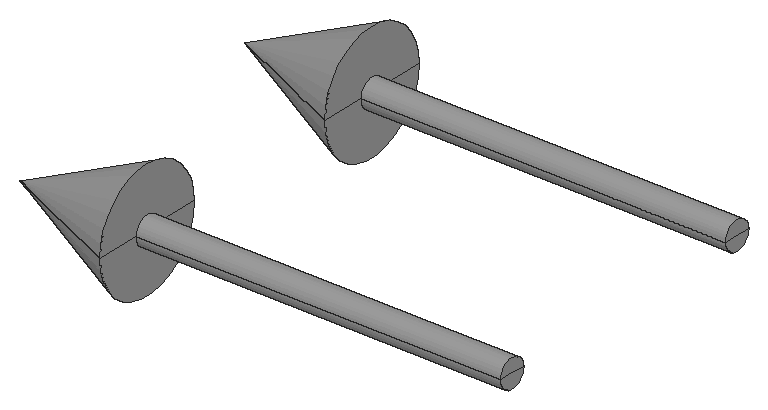
Revit family "NLRS_57_AIR_UN_airflow-arrow-open-end-rectangular-duct-in_sacs", category Air Terminals, Revit 2021
Family settings
  Round Connector Dimension = Use Diameter
  Part Type = Normal
  Work Plane-Based = No
  Always vertical = Yes
  Cut with Voids When Loaded = No
  Shared = No
  Room Calculation Point = No
Parameters (values of type "Size 1")
  URL = "https://solid-air.nl/bim/"
  Size_multiplier = 1
  SACS_Show_Part_2 [instance] = not(SACS_Show_Part_1)  # yes
  SACS_Show_Part_1 [instance] = SACS_Array_Count = 1  # no
  SACS_Offset2 [instance] = SACS_Offset1 * 2  # 100 mm
  SACS_Offset1 [instance] = (NLRS_M_c01_breedte / SACS_Checked_Array_Count) / 2  # 50 mm
  SACS_Checked_Array_Count [instance] = if(SACS_Array_Count < 2, 2, SACS_Array_Count)  # 2
  SACS_Array_Count [instance] = NLRS_M_c01_breedte / (100 mm * Size_multiplier)  # 2
  NLRS_M_c01_hoogte [instance] = 200 mm
  NLRS_M_c01_debiet [instance] = 0.0 L/s
  NLRS_M_c01_breedte [instance] = 200 mm
  NLRS_C_model = "Airflow arrow - duct IN"  # constant formula
  NLRS_C_description = "Rectangular open end, airflow duct IN"  # constant formula
  NLRS_C_content_versie = "1.21.01"  # constant formula
  NLRS_C_content_provider = "Solid Air Climate Systems"  # constant formula
  NLRS_C_content_datum_uitgifte = "28-05-2024"  # constant formula
  NLRS_C_content_creator = "J. Feeke"  # constant formula
  Model = "Airflow arrow - duct IN"  # constant formula
  Manufacturer = "Solid Air Climate Systems"  # constant formula
  IfcExportType = "OPEN END"  # constant formula
  IfcExportAs = "IfcAirTerminal"  # constant formula
  IfcDescription = Description  # "Rectangular open end, airflow duct IN"
  Description = "Rectangular open end, airflow duct IN"  # constant formula
  Default Elevation = 0 mm
  Assembly Code = "57.00"
Types (4, lengths in mm): name | Size_multiplier | SACS_Offset2 | SACS_Offset1 | SACS_Checked_Array_Count | SACS_Array_Count | NLRS_M_c01_breedte
  (no name) | 1 | 100 | 50 | 2 | 2 | 200
  Size 1 | 1 | 100 | 50 | 2 | 2 | 200
  Size 1.5 | 1.5 | 133.333 | 66.667 | 3 | 3 | 400
  Size 2 | 2 | 200 | 100 | 2 | 2 | 400
Reference planes
  plane 1 "Center (Front/Back)": y = 0
  plane 2: z = 0
  plane 3 "Center (Left/Right)": x = 0
  plane 4: y = -100
  plane 5: y = 100
  plane 6: y = -50
  plane 7: y = 50
Forms (mm)
  Extrusion 1, solid, not visible
    sketch origin (0, 0, 0) x (0, 1, 0) y (0, 0, 1)
      loop
        circle (0, 0) r 1
    from 0 to -1
  Extrusion 2, solid, material "SACS_Label", not visible
    sketch origin (-547.644, -297.937, 0) x (1, 0, 0) y (0, 1, 0)
      loop
        arc (542.644, 302.937) -> (537.644, 297.937) -> (542.644, 292.937) r 5
        line (542.644, 292.937) -> (542.644, 297.937) -> (547.644, 292.937) -> (547.644, 297.937) -> (542.644, 302.937)
    from 0 to 2
  Extrusion 3, solid, material "SACS_Label", not visible
    sketch origin (0, 0, 0) x (1, 0, 0) y (0, 1, 0)
      loop
        arc (5, -5) -> (10, 0) -> (5, 5) r 5
        line (5, 5) -> (5, 0) -> (0, 5) -> (0, 0) -> (5, -5)
    from 0 to 2
Dimensions and locks
  equal spacing: plane 5, plane 1 "Center (Front/Back)", plane 4
  "NLRS_M_c01_breedte": plane 5 to plane 4
  "SACS_Offset1": plane 6 to plane 4
  group 1 to group 2 = 0 mm  (x2)
  group 1 to group 2 = 100 mm
  "SACS_Offset2": plane 7 to plane 6
  aligned and locked: level to plane 2
  aligned and locked: Extrusion 1 to plane 3 "Center (Left/Right)"
  aligned and locked: level to nested 2
  aligned and locked: plane 3 "Center (Left/Right)" to nested 3
  aligned and locked: plane 1 "Center (Front/Back)" to nested 3
Automatic sketch dimensions
  Extrusion 1 sketch curve to level = 0 mm
  Extrusion 1 sketch curve to plane 1 "Center (Front/Back)" = 0 mm
  plane 1 "Center (Front/Back)" to Extrusion 2 sketch curve = 0 mm  (x3)
  Extrusion 2 sketch curve to plane 3 "Center (Left/Right)" = 0 mm
  Extrusion 2 sketch curve to plane 3 "Center (Left/Right)" = 5 mm
  Extrusion 2 sketch curve to Extrusion 2 sketch curve = 5 mm
  Extrusion 2 sketch curve to Extrusion 2 sketch curve = 0 mm
  plane 1 "Center (Front/Back)" to Extrusion 3 sketch curve = 0 mm  (x3)
  Extrusion 3 sketch curve to plane 3 "Center (Left/Right)" = 0 mm
  Extrusion 3 sketch curve to Extrusion 3 sketch curve = 5 mm  (x2)
  Extrusion 3 sketch curve to plane 1 "Center (Front/Back)" = 5 mm
  radius of Extrusion 1 sketch curve = 1 mm
Nested families
  nested 1: "Arrow_in" at (0, 0, 0), visible <- "SACS_Show_Part_1", type "Arrow_in"
  nested 2: "Arrow_in" at (0, 0, 0) x (1, 0, 0) z (0, -1, 0), type "Arrow_in"
  nested 3: "arrow_3d_in" at (0, 0, 0), visible <- "SACS_Show_Part_1", type "arrow_3d_in"
  nested 4: "Arrow_in" at (0, -50, 0), visible <- "SACS_Show_Part_2", type "Arrow_in"
  nested 5: "arrow_3d_in" at (0, -50, 0), visible <- "SACS_Show_Part_2", type "arrow_3d_in"
  nested 6: "Arrow_in" at (0, 50, 0), visible <- "SACS_Show_Part_2", type "Arrow_in"
  nested 7: "arrow_3d_in" at (0, 50, 0), visible <- "SACS_Show_Part_2", type "arrow_3d_in"
Connectors
  hvac at (0, 0, 0), driven by "NLRS_M_c01_breedte", driven by "NLRS_M_c01_debiet", driven by "NLRS_M_c01_hoogte", driven by "NLRS_M_c01_breedte"
    settings: on Extrusion 1, index 1, duct flow 0.0 L/s, flow factor 0, pres drop 0.0 Pa, loss coef 0, conn angle 0.00°, conn width 200 mm, conn height 200 mm, conn diameter 200 mm, duct sys type 29, conn prof type 1, flow config 1, flow direction 2, loss method 4, conn ref index -1, conn util no, is conn primary yes, conn desc ""
Definition of nested family "arrow_3d_in"
  Parameters (values of type "arrow_3d_in")
    size_multiplier = 1
    dummy = 1  # constant formula
    Tail_Width = size_multiplier * 5 mm * dummy  # 5 mm
    Tail_End = size_multiplier * 130 mm * dummy  # 130 mm
    Head_Width = size_multiplier * 21 mm * dummy  # 21 mm
    Head_Start = size_multiplier * 25 mm * dummy  # 25 mm
    Head_End = size_multiplier * 45 mm * dummy  # 45 mm
    Default Elevation = 0 mm
  Reference planes
    plane 1 "Center (Front/Back)": y = 0
    plane 2: z = 0
    plane 3 "Center (Left/Right)": x = 0
    plane 4: x = 25
    plane 5: x = 200
    plane 6: x = 70
    plane 7: y = -21
    plane 8: y = -5
  Forms (mm)
    Extrusion 1, solid, not visible
      sketch origin (0, 0, 0) x (0, 1, 0) y (0, 0, 1)
        loop
          circle (0, 0) r 1
      from 0 to -1
    Extrusion 2, solid, not visible
      sketch origin (-547.644, -297.937, 0) x (1, 0, 0) y (0, 1, 0)
        loop
          arc (542.644, 302.937) -> (537.644, 297.937) -> (542.644, 292.937) r 5
          line (542.644, 292.937) -> (542.644, 297.937) -> (547.644, 292.937) -> (547.644, 297.937) -> (542.644, 302.937)
      from 0 to 2
    Extrusion 3, solid, not visible
      sketch origin (0, 0, 0) x (1, 0, 0) y (0, 1, 0)
        loop
          arc (5, -5) -> (10, 0) -> (5, 5) r 5
          line (5, 5) -> (5, 0) -> (0, 5) -> (0, 0) -> (5, -5)
      from 0 to 2
    Revolve 4, solid, detail levels medium+fine
      sketch origin (0, 0, 0) x (1, 0, 0) y (0, 1, 0)
        loop
          line (25, 0) -> (70, -21) -> (70, -5) -> (200, -5) -> (200, 0) -> (25, 0)
        axis (25, 0) -> (200, 0)
      angle from 0 to 360
  Dimensions and locks
    "Head_Start": plane 3 "Center (Left/Right)" to plane 4
    "Head_End": plane 4 to plane 6
    "Tail_Width": plane 8 to plane 1 "Center (Front/Back)"
    "Head_Width": plane 7 to plane 1 "Center (Front/Back)"
    "Tail_End": plane 6 to plane 5
    Extrusion 3 sketch curve to plane 1 "Center (Front/Back)" = 5 mm
    Extrusion 2 sketch curve to plane 1 "Center (Front/Back)" = 5 mm  (x2)
    radius of Extrusion 3 sketch curve = 5 mm
    radius of Extrusion 2 sketch curve = 5 mm
    aligned and locked: level to plane 2
    aligned and locked: Extrusion 1 to plane 3 "Center (Left/Right)"
    aligned and locked: plane 4 to Revolve 4 sketch curve
    aligned and locked: plane 5 to Revolve 4 sketch curve
    aligned and locked: plane 1 "Center (Front/Back)" to Revolve 4 sketch curve
    aligned and locked: Revolve 4 sketch curve to plane 8
    aligned and locked: Revolve 4 sketch curve to plane 5
    aligned and locked: Revolve 4 sketch curve to plane 6
    aligned and locked: plane 7 to Revolve 4 sketch curve
  Automatic sketch dimensions
    Extrusion 1 sketch curve to level = 0 mm
    Extrusion 1 sketch curve to plane 1 "Center (Front/Back)" = 0 mm
    plane 1 "Center (Front/Back)" to Extrusion 2 sketch curve = 0 mm  (x2)
    Extrusion 2 sketch curve to plane 3 "Center (Left/Right)" = 0 mm
    Extrusion 2 sketch curve to plane 3 "Center (Left/Right)" = 5 mm
    plane 1 "Center (Front/Back)" to Extrusion 3 sketch curve = 0 mm  (x2)
    Extrusion 3 sketch curve to plane 3 "Center (Left/Right)" = 0 mm
    Extrusion 3 sketch curve to Extrusion 3 sketch curve = 5 mm
    Extrusion 3 sketch curve to plane 1 "Center (Front/Back)" = 5 mm
    Revolve 4 sketch curve to plane 4 = 0 mm
    plane 1 "Center (Front/Back)" to Revolve 4 sketch curve = 0 mm
    radius of Extrusion 1 sketch curve = 1 mm
Definition of nested family "Arrow_in"
  Parameters (values of type "Arrow_in")
    size_multiplier = 1
    dummy = 1  # constant formula
    Tail_End = size_multiplier * 130 mm * dummy  # 130 mm
    Head_Width = size_multiplier * 21 mm * dummy  # 21 mm
    Head_Start = size_multiplier * 25 mm * dummy  # 25 mm
    Head_End = size_multiplier * 45 mm * dummy  # 45 mm
  Reference planes
    plane 1 "Center (Front/Back)": y = 0
    plane 2: z = 0
    plane 3 "Center (Left/Right)": x = 0
    plane 4: x = 200
    plane 5: y = 21
    plane 6: y = -21
    plane 7: x = 25
    plane 8: x = 70
  Lines and regions (mm)
    Filled region 1, type "Solid Fill - Black", in view "Ref. Level"
      outline origin (224.685, 0, 0) x (0, 1, 0) y (-1, 0, 0)
        loop
          line (0, 200) -> (-21.131, 154.685) -> (21.131, 154.685) -> (0, 200)
    detail lines, in view "Ref. Level"
      curve 1: line (200, 0, 0) -> (70, 0, 0)
  Dimensions and locks
    "Head_Start": plane 3 "Center (Left/Right)" to plane 7
    "Head_End": plane 7 to plane 8
    "Tail_End": plane 8 to plane 4
    "Head_Width": plane 5 to plane 1 "Center (Front/Back)" to plane 6
    aligned and locked: Filled region 1 sketch curve to plane 8
    aligned and locked: plane 8 to curve 1
    aligned and locked: plane 4 to curve 1
    aligned and locked: curve 1 to plane 1 "Center (Front/Back)"
  Automatic sketch dimensions
    plane 1 "Center (Front/Back)" to Filled region 1 sketch curve = 0 mm
    Filled region 1 sketch curve to plane 6 = 0.131 mm
    plane 5 to Filled region 1 sketch curve = 0.131 mm
    Filled region 1 sketch curve to plane 7 = 0.315 mm
